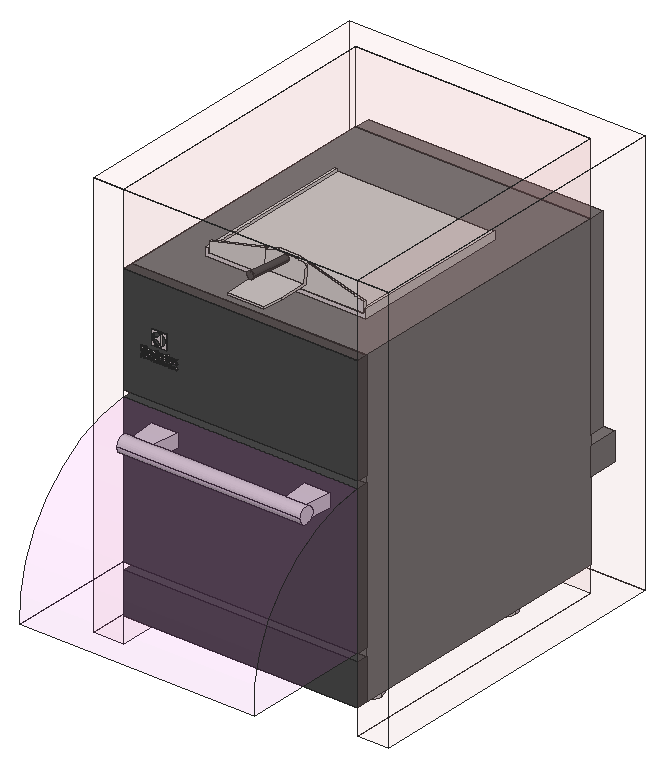
Revit family "QF_ELECTROLUXPROFESSIONAL_603955_EPRPROSITEU", category Attrezzature speciali, Revit 2021
Family settings
  Quota connettore circolare = Usa diametro
  Tipo di parte = Normale
  Basato su piano di lavoro = No
  Sempre verticale = Sì
  Taglio con vuoti quando caricato = No
  Condiviso = No
  Punto di calcolo locali = No
Parameters (values of type "Standard")
  Weight = 0.00 kg
  Watts = 0 W
  Volts = 230 V
  URL Manufacturer = "https://www.electroluxprofessional.com/"
  URL = "https://www.electroluxprofessional.com/"
  Steam Supply Size = 0 mm
  Steam Supply Minimum Pressure = 0.0 Pa
  Steam Supply Maximum Pressure = 0.0 Pa
  Steam Consumption per Hour = 0
  Show Logo [instance] = yes
  Show Clearance [instance] = yes
  Refrigeration Suction Line Size = 0 mm
  Refrigeration Liquid Line Size = 0 mm
  Refrigerant Compressor Remote = yes
  Prospetto di default = 0 mm
  Produttore = "Electrolux Professional"
  Phase = 1
  Modello = "EPRPROSITEU"
  Length Actual = 460 mm  # constant formula
  Item Number = "603955"
  Hot Water Size = 0 mm
  Height Actual = 660 mm  # constant formula
  HP = "0 HP"
  Gas Size = 0 mm
  Gas KW = 0
  Gas Input Pressure = 0 W
  Direct Waste Size = 0 mm
  Descrizione = "GOURMEXPRESS HIGH SPEED OVEN 230V 1N 50HZ - BLACK - SCHUKO PLUG"
  Depth Actual = 710 mm  # constant formula
  Cycle = 0 Hz
  Condensate Return Size = 0 mm
  Compressed Air Volume = 0.0 L/s
  Compressed Air Size = 0 mm
  Compressed Air Pressure = 0.0 Pa
  Cold Water Size = 0 mm
  Accessory = yes
Reference planes
  plane 1 "Center X": y = 418.851
  plane 2: z = 0
  plane 3 "Center Y": x = 103.5
  plane 4 "BACK": y = 703.851
  plane 5 "FRONT": y = 133.851
  plane 6: z = 629
  plane 7 "TOP": z = 1239
  plane 8: y = -121.149
  plane 9 "RIGHT": x = 333.5
  plane 10 "LEFT": x = -126.5
  plane 11: x = -56.5
  plane 12: x = 263.5
  plane 13: y = 583.851
  plane 14: y = 253.851
  plane 15: z = 578
Forms (mm)
  Extrusion 1, solid, material "QF_Finishes_Dark Gray"
    sketch origin (0, 0, 578) x (1, 0, 0) y (0, 1, 0)
      loop
        line (-126.5, 703.851) -> (-126.5, 155.851) -> (333.5, 155.851) -> (333.5, 703.851) -> (-126.5, 703.851)
    from 51 to 661
  Extrusion 2, solid, material "QF_Finishes_Black"
    sketch origin (0, 0, 578) x (1, 0, 0) y (0, 1, 0)
      loop
        line (-126.5, 155.851) -> (-126.5, 133.851) -> (333.5, 133.851) -> (333.5, 155.851) -> (-126.5, 155.851)
    from 51 to 131
  Extrusion 3, solid, material "QF_Finishes_Black"
    sketch origin (0, 0, 673) x (1, 0, 0) y (0, 1, 0)
      loop
        line (-126.5, 155.851) -> (-126.5, 133.851) -> (333.5, 133.851) -> (333.5, 155.851) -> (-126.5, 155.851)
    from 51 to 341
  Extrusion 4, solid, material "QF_Finishes_Black"
    sketch origin (0, 0, 976) x (1, 0, 0) y (0, 1, 0)
      loop
        line (-126.5, 155.851) -> (-126.5, 133.851) -> (333.5, 133.851) -> (333.5, 155.851) -> (-126.5, 155.851)
    from 51 to 263
  Extrusion 5, solid, material "QF_Finishes_Dark Gray"
    sketch origin (-126.5, 0, 578) x (0, 1, 0) y (0, 0, 1)
      loop
        line (703.851, 661) -> (703.851, 281) -> (733.851, 281) -> (733.851, 661) -> (703.851, 661)
    from 0 to 460
  Extrusion 6, solid, material "QF_Finishes_Dark Gray"
    sketch origin (-126.5, 0, 578) x (0, 1, 0) y (0, 0, 1)
      loop
        line (703.851, 261) -> (703.851, 207) -> (763.851, 207) -> (763.851, 261) -> (703.851, 261)
    from 0 to 460
  Extrusion 7, solid, material "QF_Finishes_Dark Gray"
    sketch origin (-126.5, 703.851, 578) x (1, 0, 0) y (0, 0, -1)
      loop
        circle (230, -111) r 10
    from 0 to 10
  Extrusion 8, solid, material "QF_Finishes_Stainless Steel"
    sketch origin (-126.5, 15, 578) x (0, 1, 0) y (0, 0, 1)
      loop
        circle (53.851, 400) r 15
    from 50 to 410
  Extrusion 9, solid, material "QF_Finishes_Stainless Steel"
    sketch origin (0, 0, 578) x (1, 0, 0) y (0, 1, 0)
      loop
        line (-71.5, 133.851) -> (-64.668, 68.851) -> (-28.332, 68.851) -> (-21.5, 133.851) -> (-71.5, 133.851)
    from 382.4 to 410.034
  Extrusion 10, solid, material "QF_Finishes_Stainless Steel"
    sketch origin (207, 0, 578) x (-1, 0, 0) y (0, -1, 0)
      loop
        line (-71.5, -133.851) -> (-21.5, -133.851) -> (-28.332, -68.851) -> (-64.668, -68.851) -> (-71.5, -133.851)
    from 382.4 to 410.034
  Extrusion 11, solid, material "QF_Finishes_Stainless Steel"
    sketch origin (313.5, 559.851, 708) x (-1, 0, 0) y (0, 0, -1)
      loop
        line (367.5, -531) -> (52.5, -531) -> (52.5, -548) -> (57.5, -548) -> (57.5, -538) -> (362.5, -538) -> (362.5, -548) -> (367.5, -548) -> (367.5, -531)
    from 0 to 316
  Extrusion 12, solid, material "QF_Finishes_Stainless Steel"
    sketch origin (313.5, 192.398, 710.47) x (-1, 0, 0) y (0, -0.095638, -0.995416)
      loop
        line (362, -538.979) -> (58, -538.979) -> (58, -558.12) -> (191.039, -590.161) -> (228.961, -590.161) -> (362, -558.12) -> (362, -538.979)
    from 0 to -5
  Extrusion 13, solid, material "QF_Finishes_Stainless Steel"
    sketch origin (313.5, 192.398, 710.466) x (-1, 0, 0) y (0, -0.095638, -0.995416)
      loop
        line (228.961, -590.164) -> (248.405, -585.482) -> (248.405, -549.816) -> (171.595, -549.816) -> (171.595, -585.482) -> (191.039, -590.164) -> (228.961, -590.164)
    from 0 to 5
  Extrusion 14, solid, material "QF_Finishes_Stainless Steel"
    sketch origin (0, 1.059, 1239.429) x (1, 0, 0) y (0, 1, 0)
      loop
        line (65.095, 244.787) -> (65.095, 183.851) -> (68.512, 144.792) -> (138.488, 144.792) -> (141.905, 183.851) -> (141.905, 244.787) -> (65.095, 244.787)
    from 17.834 to 20.834
  Extrusion 15, solid, material "QF_Finishes_Black"
    sketch origin (313.5, 187.421, 710.944) x (-1, 0, 0) y (0, -0.095638, -0.995416)
      loop
        circle (210, -582.028) r 6.6
    from 0 to 86.671
  Extrusion 16, solid, material "QF_Door-Drawer Clearances", visible <- "Show Clearance"
    sketch origin (-126.5, 0, 0) x (0, 1, 0) y (0, 0, 1)
      loop
        line (133.851, 724) -> (133.851, 1014)
        arc (133.851, 1014) -> (-53.454, 921.587) -> (-121.149, 724) r 273.889
        line (-121.149, 724) -> (133.851, 724)
    from 0 to 460
  Extrusion 17, solid, material "QF_Clearances", visible <- "Show Clearance"
    sketch origin (0, 0, 1239) x (1, 0, 0) y (0, 1, 0)
      loop
        line (-126.5, 703.851) -> (333.5, 703.851) -> (333.5, 133.851) -> (393.5, 133.851) -> (393.5, 763.851) -> (-186.5, 763.851) -> (-186.5, 133.851) -> (-126.5, 133.851) -> (-126.5, 703.851)
    from -661 to 140
  Extrusion 18, solid, material "QF_Clearances", visible <- "Show Clearance"
    sketch origin (0, 0, 1239) x (1, 0, 0) y (0, 1, 0)
      loop
        line (-126.5, 703.851) -> (-126.5, 133.851) -> (333.5, 133.851) -> (333.5, 703.851) -> (-126.5, 703.851)
    from 0 to 140
  Extrusion 19, solid, material "QF_Finishes_Stainless Steel"
    sketch origin (313.5, 429.285, 708) x (-1, 0, 0) y (0, 0, -1)
      loop
        line (362, -543.5) -> (362, -538.5) -> (58, -538.5) -> (58, -543.5) -> (362, -543.5)
    from -130.566 to 180.363
Cuts and joins
  joined: Extrusion 8, Extrusion 9, Extrusion 10
  joined: Extrusion 12, Extrusion 13, Extrusion 14, Extrusion 19
Lines and regions (mm)
  Split face 1
    outline origin (365.185, 133.851, 976) x (-1, 0, 0) y (0, 0, -1)
      loop
        line (491.685, -81) -> (363.685, -81) -> (351.685, -69) -> (171.685, -69) -> (159.685, -81) -> (31.685, -81)
  Split face 2
    outline origin (365.185, 133.851, 976) x (-1, 0, 0) y (0, 0, -1)
      loop
        line (316.685, -185) -> (316.685, -119) -> (206.685, -119) -> (206.685, -185) -> (316.685, -185)
  Split face 3
    outline origin (365.185, 133.851, 976) x (-1, 0, 0) y (0, 0, -1)
      loop
        circle (101.685, -153.968) r 15
  symbolic lines
    curve 1: line (-126.5, 703.851, 1239) -> (333.5, 703.851, 1239)
    curve 2: line (-126.5, 133.851, 1239) -> (-126.5, 703.851, 1239)
    curve 3: line (333.5, 133.851, 1239) -> (-126.5, 133.851, 1239)
    curve 4: line (333.5, 703.851, 1239) -> (333.5, 133.851, 1239)
    curve 5: line (-54, 559.851, 1239) -> (261, 559.851, 1239)
    curve 6: line (-54, 243.851, 1239) -> (-54, 559.851, 1239)
    curve 7: line (261, 243.851, 1239) -> (141.905, 243.851, 1239)
    curve 8: line (261, 559.851, 1239) -> (261, 243.851, 1239)
    curve 9: line (65.095, 248.392, 1239) -> (65.095, 184.91, 1239)
    curve 10: line (65.095, 184.91, 1239) -> (68.512, 145.851, 1239)
    curve 11: line (138.488, 145.851, 1239) -> (141.905, 184.91, 1239)
    curve 12: line (141.905, 184.91, 1239) -> (141.905, 248.392, 1239)
    curve 13: spline (110.1, 156.811, 1239) -> (109.875, 156.974, 1239) -> (109.216, 157.126, 1239) -> (108.167, 157.257, 1239) -> (106.8, 157.357, 1239) -> (105.208, 157.42, 1239) -> (103.5, 157.442, 1239) -> (101.792, 157.42, 1239) -> (100.2, 157.357, 1239) -> (98.833, 157.257, 1239) -> (97.784, 157.126, 1239) -> (97.125, 156.974, 1239) -> (96.9, 156.811, 1239)
    curve 14: spline (96.9, 156.811, 1239) -> (97.125, 156.647, 1239) -> (97.784, 156.495, 1239) -> (98.833, 156.364, 1239) -> (100.2, 156.264, 1239) -> (101.792, 156.201, 1239) -> (103.5, 156.18, 1239) -> (105.208, 156.201, 1239) -> (106.8, 156.264, 1239) -> (108.167, 156.364, 1239) -> (109.216, 156.495, 1239) -> (109.875, 156.647, 1239) -> (110.1, 156.811, 1239)
    curve 15: line (96.9, 156.811, 1239) -> (96.9, 243.084, 1239)
    curve 16: spline (96.9, 243.084, 1239) -> (97.125, 243.248, 1239) -> (97.784, 243.4, 1239) -> (98.833, 243.531, 1239) -> (100.2, 243.631, 1239) -> (101.792, 243.694, 1239) -> (103.5, 243.715, 1239) -> (105.208, 243.694, 1239) -> (106.8, 243.631, 1239) -> (108.167, 243.531, 1239) -> (109.216, 243.4, 1239) -> (109.875, 243.248, 1239) -> (110.1, 243.084, 1239)
    curve 17: line (110.1, 156.811, 1239) -> (110.1, 243.084, 1239)
    curve 18: line (-27.16, 80.001, 1239) -> (-21.5, 133.851, 1239)
    curve 19: line (-71.5, 133.851, 1239) -> (-65.84, 80.001, 1239)
    curve 20: line (-76.5, 83.851, 1239) -> (-66.245, 83.851, 1239)
    curve 21: line (-76.5, 53.851, 1239) -> (-76.5, 83.851, 1239)
    curve 22: line (283.5, 53.851, 1239) -> (-76.5, 53.851, 1239)
    curve 23: line (283.5, 83.851, 1239) -> (283.5, 53.851, 1239)
    curve 24: line (228.5, 133.851, 1239) -> (234.16, 80.001, 1239)
    curve 25: line (272.84, 80.001, 1239) -> (278.5, 133.851, 1239)
    curve 34: line (-126.5, 703.851, 1239) -> (-126.5, 733.851, 1239)
    curve 35: line (-126.5, 733.851, 1239) -> (333.5, 733.851, 1239)
    curve 36: line (333.5, 733.851, 1239) -> (333.5, 703.851, 1239)
    curve 37: line (-126.5, 733.851, 1239) -> (-126.5, 763.851, 1239)
    curve 38: line (333.5, 763.851, 1239) -> (333.5, 733.851, 1239)
    curve 39: line (-126.5, 763.851, 0) -> (333.5, 763.851, 0)
    curve 40: line (68.512, 145.851, 1239) -> (138.488, 145.851, 1239)
    curve 41: line (-26.755, 83.851, 1239) -> (233.755, 83.851, 1239)
    curve 42: line (273.245, 83.851, 1239) -> (283.5, 83.851, 1239)
    curve 43: line (234.16, 80.001, 1239) -> (272.84, 80.001, 1239)
    curve 44: line (-65.84, 80.001, 1239) -> (-27.16, 80.001, 1239)
    curve 45: spline (96.9, 243.085, 1239) -> (97.125, 243.248, 1239) -> (97.784, 243.4, 1239) -> (98.833, 243.531, 1239) -> (100.2, 243.631, 1239) -> (101.792, 243.694, 1239) -> (103.5, 243.716, 1239) -> (105.208, 243.694, 1239) -> (106.8, 243.631, 1239) -> (108.167, 243.531, 1239) -> (109.216, 243.4, 1239) -> (109.875, 243.248, 1239) -> (110.1, 243.085, 1239)
    curve 46: line (84.539, 253.817, 1239) -> (84.539, 243.863, 1239)
    curve 47: line (122.461, 243.863, 1239) -> (122.461, 253.817, 1239)
    curve 48: line (122.461, 253.817, 1239) -> (255.5, 250.752, 1239)
    curve 49: line (256, 559.851, 1239) -> (256, 243.851, 1239)
    curve 50: line (255.5, 243.851, 1239) -> (255.5, 559.851, 1239)
    curve 51: line (-48.5, 559.851, 1239) -> (-48.5, 243.851, 1239)
    curve 52: line (-49, 243.851, 1239) -> (-49, 559.851, 1239)
    curve 53: line (141.905, 248.392, 1239) -> (255.5, 245.775, 1239)
    curve 54: line (141.905, 240.198, 1239) -> (110.1, 240.198, 1239)
    curve 55: line (141.905, 243.415, 1239) -> (122.461, 243.863, 1239)
    curve 56: line (84.539, 243.863, 1239) -> (65.095, 243.415, 1239)
    curve 57: line (-48.5, 245.775, 1239) -> (65.095, 248.392, 1239)
    curve 58: line (-48.5, 250.752, 1239) -> (84.539, 253.817, 1239)
    curve 59: line (84.539, 253.817, 1239) -> (122.461, 253.817, 1239)
    curve 60: line (122.461, 243.863, 1239) -> (84.539, 243.863, 1239)
    curve 61: line (65.095, 243.851, 1239) -> (-54, 243.851, 1239)
    curve 62: line (96.9, 240.198, 1239) -> (65.095, 240.198, 1239)
  symbolic lines, style "QF_Door-Drawer Clearances"
    curve 26: line (-126.5, 133.851, 1239) -> (-126.5, -121.149, 1239)
    curve 27: line (-126.5, -121.149, 1239) -> (333.5, -121.149, 1239)
    curve 28: line (333.5, -121.149, 1239) -> (333.5, 133.851, 1239)
  symbolic lines, style "QF_Clearances"
    curve 29: line (-186.5, 763.851, 1239) -> (-126.5, 763.851, 1239)
    curve 30: line (393.5, 763.851, 1239) -> (393.5, 133.851, 1239)
    curve 31: line (393.5, 133.851, 1239) -> (333.5, 133.851, 1239)
    curve 32: line (-126.5, 133.851, 1239) -> (-186.5, 133.851, 1239)
    curve 33: line (-186.5, 133.851, 1239) -> (-186.5, 763.851, 1239)
    curve 63: line (333.5, 763.851, 1239) -> (393.5, 763.851, 1239)
Dimensions and locks
  plane 4 "BACK" to plane 5 "FRONT" = 570 mm
  equal spacing: plane 4 "BACK", plane 1 "Center X", plane 5 "FRONT"
  equal spacing: plane 10 "LEFT", plane 3 "Center Y", plane 9 "RIGHT"
  plane 10 "LEFT" to plane 9 "RIGHT" = 460 mm
  plane 5 "FRONT" to plane 8 = 255 mm
  plane 6 to plane 15 = 51 mm
  plane 7 "TOP" to plane 6 = 610 mm
  plane 11 to plane 12 = 320 mm
  plane 13 to plane 14 = 330 mm  (x2)
  plane 15 to level = 578 mm
  aligned and locked: level to plane 2
  aligned and locked: plane 12 to nested 2
  aligned and locked: plane 12 to nested 3
  aligned and locked: plane 11 to nested 1
  aligned and locked: plane 11 to nested 4
  aligned and locked: nested 4 to plane 13
  aligned and locked: nested 3 to plane 13
  aligned and locked: nested 1 to plane 14
  aligned and locked: nested 2 to plane 14
  aligned and locked: Extrusion 1 sketch curve to plane 4 "BACK"
  aligned and locked: plane 10 "LEFT" to Extrusion 1 sketch curve
  aligned and locked: Extrusion 1 sketch curve to plane 9 "RIGHT"
  aligned and locked: Extrusion 1 to plane 6
  aligned and locked: plane 7 "TOP" to Extrusion 1
  aligned and locked: Extrusion 2 sketch curve to Extrusion 1  (x2)
  aligned and locked: plane 5 "FRONT" to Extrusion 2 sketch curve
  aligned and locked: Extrusion 2 sketch curve to plane 9 "RIGHT"
  aligned and locked: Extrusion 2 to plane 6
  aligned and locked: plane 7 "TOP" to Extrusion 4
  aligned and locked: plane 9 "RIGHT" to Extrusion 5
  aligned and locked: plane 9 "RIGHT" to Extrusion 16
Automatic sketch dimensions
  Extrusion 9 sketch curve to plane 5 "FRONT" = 0 mm
  Extrusion 9 sketch curve to plane 11 = 8.168 mm
  plane 11 to Extrusion 9 sketch curve = 28.168 mm
  plane 11 to Extrusion 9 sketch curve = 35 mm
  Extrusion 10 sketch curve to plane 5 "FRONT" = 0 mm
  Extrusion 10 sketch curve to plane 12 = 8.168 mm
  plane 12 to Extrusion 10 sketch curve = 28.168 mm
  plane 12 to Extrusion 10 sketch curve = 35 mm
  Extrusion 12 sketch curve to plane 12 = 8 mm
  plane 3 "Center Y" to Extrusion 12 sketch curve = 18.961 mm
  Extrusion 12 sketch curve to plane 3 "Center Y" = 18.961 mm
  plane 11 to Extrusion 12 sketch curve = 8 mm
  Extrusion 12 sketch curve to Extrusion 12 sketch curve = 32.04 mm  (x2)
  Extrusion 12 sketch curve to Extrusion 12 sketch curve = 19.141 mm
  Extrusion 13 sketch curve to Extrusion 12 = 0 mm  (x5)
  Extrusion 13 sketch curve to Extrusion 12 = 10.834 mm
  Extrusion 13 sketch curve to Extrusion 13 sketch curve = 19.444 mm  (x2)
  Extrusion 14 sketch curve to plane 14 = 8.005 mm
  Extrusion 14 sketch curve to plane 3 "Center Y" = 38.405 mm
  plane 5 "FRONT" to Extrusion 14 sketch curve = 12 mm
  Extrusion 14 sketch curve to plane 3 "Center Y" = 34.988 mm
  plane 3 "Center Y" to Extrusion 14 sketch curve = 34.988 mm
  plane 3 "Center Y" to Extrusion 14 sketch curve = 38.405 mm
  Extrusion 15 sketch curve to Extrusion 13 = 8.137 mm
  Extrusion 15 sketch curve to Extrusion 13 = 38.405 mm
  Extrusion 9 sketch curve to plane 11 = 15 mm
  Extrusion 10 sketch curve to plane 12 = 15 mm
  Extrusion 9 sketch curve to plane 5 "FRONT" = 65 mm
  plane 5 "FRONT" to Extrusion 10 sketch curve = 65 mm
  plane 5 "FRONT" to Extrusion 1 sketch curve = 22 mm
  Extrusion 14 sketch curve to Extrusion 14 sketch curve = 39.059 mm  (x2)
  curve 39 to plane 10 "LEFT" = 0 mm
  curve 39 to plane 9 "RIGHT" = 0 mm
  plane 4 "BACK" to curve 39 = 60 mm
  Extrusion 3 sketch curve to plane 5 "FRONT" = 0 mm
  Extrusion 3 sketch curve to plane 10 "LEFT" = 0 mm
  Extrusion 3 sketch curve to plane 9 "RIGHT" = 0 mm
  plane 5 "FRONT" to Extrusion 3 sketch curve = 22 mm
  Extrusion 4 sketch curve to plane 5 "FRONT" = 0 mm
  Extrusion 4 sketch curve to plane 10 "LEFT" = 0 mm
  Extrusion 4 sketch curve to plane 9 "RIGHT" = 0 mm
  plane 5 "FRONT" to Extrusion 4 sketch curve = 22 mm
  Split face 1 sketch curve to Extrusion 4 = 0 mm
  Extrusion 4 to Split face 1 sketch curve = 0 mm
  Split face 1 sketch curve to Extrusion 4 = 30 mm
  Split face 1 sketch curve to Split face 1 sketch curve = 128 mm
  Split face 1 sketch curve to Split face 1 sketch curve = 12 mm  (x3)
  Split face 1 sketch curve to Extrusion 4 = 18 mm
  Split face 1 sketch curve to Extrusion 4 = 140 mm
  Split face 2 sketch curve to Extrusion 4 = 78 mm
  Split face 2 sketch curve to Extrusion 4 = 175 mm
  Split face 2 sketch curve to Split face 2 sketch curve = 110 mm
  Split face 2 sketch curve to Split face 2 sketch curve = 66 mm
  Split face 3 sketch curve to Extrusion 4 = 70 mm
  Split face 3 sketch curve to Extrusion 4 = 102.968 mm
  Extrusion 5 sketch curve to plane 4 "BACK" = 0 mm
  Extrusion 5 sketch curve to plane 7 "TOP" = 0 mm
  plane 4 "BACK" to Extrusion 5 sketch curve = 30 mm
  plane 6 to Extrusion 5 sketch curve = 230 mm
  Extrusion 6 sketch curve to plane 4 "BACK" = 0 mm
  plane 4 "BACK" to Extrusion 6 sketch curve = 60 mm
  plane 6 to Extrusion 6 sketch curve = 156 mm
  Extrusion 6 sketch curve to Extrusion 6 sketch curve = 54 mm
  Extrusion 1 to Extrusion 7 sketch curve = 60 mm
  Extrusion 7 sketch curve to Extrusion 1 = 230 mm
  Extrusion 8 sketch curve to plane 5 "FRONT" = 65 mm
  Extrusion 8 sketch curve to plane 7 "TOP" = 261 mm
  Extrusion 11 sketch curve to plane 7 "TOP" = 0 mm
  Extrusion 11 sketch curve to plane 12 = 2.5 mm
  Extrusion 11 sketch curve to plane 12 = 7.5 mm
  plane 11 to Extrusion 11 sketch curve = 7.5 mm
  plane 11 to Extrusion 11 sketch curve = 2.5 mm
  plane 7 "TOP" to Extrusion 11 sketch curve = 7 mm
  Extrusion 11 sketch curve to Extrusion 11 sketch curve = 10 mm  (x2)
  Extrusion 16 sketch curve to plane 8 = 0 mm
  Extrusion 16 sketch curve to plane 5 "FRONT" = 0 mm
  plane 5 "FRONT" to Extrusion 16 sketch curve = 18.377 mm
  plane 6 to Extrusion 16 sketch curve = 95 mm
  Extrusion 16 sketch curve to Extrusion 16 sketch curve = 16.729 mm
  Extrusion 17 sketch curve to Extrusion 1 = 0 mm  (x3)
  Extrusion 1 to Extrusion 17 sketch curve = 22 mm  (x2)
  Extrusion 1 to Extrusion 17 sketch curve = 60 mm  (x3)
  Extrusion 18 sketch curve to Extrusion 1 = 0 mm  (x3)
  Extrusion 1 to Extrusion 18 sketch curve = 22 mm
  Extrusion 19 sketch curve to plane 12 = 8 mm
  plane 11 to Extrusion 19 sketch curve = 8 mm
  plane 7 "TOP" to Extrusion 19 sketch curve = 12.5 mm
  Extrusion 19 sketch curve to Extrusion 19 sketch curve = 5 mm
  curve 37 to Extrusion 1 = 0 mm
  curve 4 to Extrusion 1 = 0 mm  (x2)
  Extrusion 1 to curve 33 = 22 mm
  Extrusion 1 to curve 33 = 60 mm  (x2)
  curve 20 to Extrusion 1 = 50 mm
  curve 20 to curve 19 = 10.66 mm
  curve 6 to Extrusion 1 = 72.5 mm
  curve 19 to curve 18 = 38.68 mm
  curve 6 to curve 9 = 119.095 mm
  Extrusion 1 to curve 40 = 10 mm
  curve 9 to curve 40 = 3.417 mm
  curve 9 to curve 46 = 19.444 mm
  curve 46 to curve 15 = 12.361 mm
  curve 17 to Extrusion 1 = 0.96 mm
  curve 13 to curve 17 = 13.2 mm
  curve 55 to Extrusion 1 = 88.012 mm
  curve 16 to curve 55 = 12.361 mm
  curve 13 to curve 11 = 28.388 mm
  curve 53 to Extrusion 1 = 92.541 mm
  curve 47 to curve 53 = 19.444 mm
  curve 24 to Extrusion 1 = 99.34 mm
  curve 5 to Extrusion 1 = 72.5 mm
  curve 24 to curve 43 = 38.68 mm
  curve 25 to curve 42 = 10.66 mm
  curve 63 to curve 30 = 60 mm
  curve 21 to curve 19 = 50 mm
  curve 42 to curve 25 = 50 mm
  curve 43 to curve 42 = 3.85 mm
  curve 44 to curve 20 = 3.85 mm
  curve 21 to curve 19 = 26.15 mm
  curve 28 to curve 22 = 175 mm
  curve 10 to Extrusion 1 = 29.059 mm
  curve 11 to Extrusion 1 = 29.059 mm
  curve 17 to curve 47 = 0.779 mm
  curve 6 to Extrusion 1 = 88 mm
  curve 8 to Extrusion 1 = 88 mm
  curve 61 to curve 9 = 4.541 mm
  curve 47 to curve 47 = 9.954 mm
  curve 5 to Extrusion 1 = 144 mm
  Extrusion 1 to curve 38 = 30 mm
  Extrusion 1 to curve 30 = 60 mm
  curve 20 to curve 19 = 5 mm
  curve 5 to curve 52 = 5 mm
  curve 52 to curve 58 = 0.5 mm
  curve 18 to curve 41 = 0.405 mm
  curve 19 to curve 18 = 50 mm
  curve 45 to curve 15 = 0 mm
  curve 45 to curve 16 = 0 mm
  curve 24 to curve 24 = 5.66 mm
  curve 53 to curve 7 = 5.5 mm
  curve 50 to curve 49 = 0.5 mm
  curve 25 to curve 42 = 0.405 mm
  curve 62 to curve 61 = 3.653 mm
  curve 54 to curve 7 = 3.653 mm
  curve 15 to curve 45 = 0 mm
  curve 55 to curve 7 = 0.436 mm
  curve 56 to curve 61 = 0.436 mm
  curve 51 to curve 57 = 1.924 mm
  curve 50 to curve 53 = 1.924 mm
  curve 57 to curve 58 = 4.977 mm
  curve 53 to curve 48 = 4.977 mm
  radius of Extrusion 15 sketch curve = 6.6 mm
  radius of Split face 3 sketch curve = 15 mm
  radius of Extrusion 7 sketch curve = 10 mm
  radius of Extrusion 8 sketch curve = 15 mm
Nested families
  nested 1: "Foot_Complete" at (-56.5, 253.851, 578), type "Foot_Complete"
  nested 2: "Foot_Complete" at (263.5, 253.851, 578), type "Foot_Complete"
  nested 3: "Foot_Complete" at (263.5, 583.851, 578), type "Foot_Complete"
  nested 4: "Foot_Complete" at (-56.5, 583.851, 578), type "Foot_Complete"
  nested 5: "ELX_Logo_Professional" at (-56.5, 133.851, 1122.524) x (1, 0, 0) z (0, -1, 0), visible <- "Show Logo", type "ELX_Logo_Professional"
Connectors
  electrical at (103.5, 713.851, 689)
    settings: on Extrusion 7, index 1, voltage 0 V, apparent load 0 VA, apparent load phase1 0 VA, apparent load phase2 0 VA, apparent load phase3 0 VA, power factor 1, load classification "Altro", number of poles 1, system type 30, power factor state 1, is connector primary yes, connector utility no, sub classification motor no, connector description "Electrical"
Definition of nested family "Foot_Complete"
  Parameters (values of type "Foot_Complete")
    R = 25 mm
    Default Elevation = 0 mm
    H = 51 mm
  Reference planes
    plane 1 "Centro (Fronte/Retro)": y = 0
    plane 2: z = 0
    plane 3 "Centro (Sinistra/Destra)": x = 0
    plane 4: z = 51
  Forms (mm)
    Revolve 1, solid
      sketch origin (255.05, 0, 608.09) x (0, 0, 1) y (-1, 0, 0)
        loop
          line (-608.09, 255.05) -> (-608.09, 235.05) -> (-597.09, 235.05) -> (-597.09, 230.05) -> (-557.09, 230.05) -> (-557.09, 255.05) -> (-608.09, 255.05)
        axis (-608.09, 255.05) -> (-557.09, 255.05)
      angle from 0 to 360
  Dimensions and locks
    level to Revolve 1 sketch curve = 11 mm
    "R": Revolve 1 sketch curve to plane 3 "Centro (Sinistra/Destra)"
    "H": plane 4 to level
    aligned and locked: level to plane 2
    aligned and locked: plane 4 to Revolve 1 sketch curve
    aligned and locked: Revolve 1 sketch curve to level
    aligned and locked: plane 3 "Centro (Sinistra/Destra)" to Revolve 1 sketch curve
  Automatic sketch dimensions
    Revolve 1 sketch curve to plane 3 "Centro (Sinistra/Destra)" = 0 mm
    Revolve 1 sketch curve to Revolve 1 sketch curve = 5 mm
    Revolve 1 sketch curve to Revolve 1 sketch curve = 50 mm
    Revolve 1 sketch curve to Revolve 1 sketch curve = 20 mm
Definition of nested family "ELX_Logo_Professional"
  Parameters (values of type "ELX_Logo_Professional")
    materiale = none
    Default Elevation = 0 mm
  Reference planes
    plane 1 "Centro (Fronte/Retro)": y = 0
    plane 2: z = 0
    plane 3 "Centro (Sinistra/Destra)": x = 0
  Forms (mm)
    Extrusion 1, solid
      sketch origin (0, 0, 0) x (1, 0, 0) y (0, 1, 0)
        loop
          line (-1219.2, 1219.2) -> (-1219.2, -1219.2) -> (1219.2, -1219.2) -> (1219.2, 1219.2) -> (-1219.2, 1219.2)
      from 0 to -304.8
    Extrusion 2, solid, material <- "materiale"
      sketch origin (-144.622, -1081.55, 0) x (-1, 0, 0) y (0, -1, 0)
        loop
          line (-130.265, -1113.361) -> (-130.265, -1084.645) -> (-158.979, -1084.645) -> (-158.979, -1113.361) -> (-130.265, -1113.361)
        loop
          arc (-146.24, -1106.937) -> (-147.076, -1109.166) -> (-147.324, -1111.534) r 9.395
          arc (-147.324, -1111.534) -> (-145.139, -1111.806) -> (-142.939, -1111.706) r 13.008
          line (-142.939, -1111.706) -> (-141.329, -1111.382) -> (-139.8, -1110.859) -> (-138.364, -1110.152) -> (-137.035, -1109.277) -> (-135.826, -1108.249) -> (-134.751, -1107.081) -> (-133.821, -1105.789) -> (-133.05, -1104.389) -> (-132.452, -1102.893) -> (-132.039, -1101.318) -> (-131.824, -1099.675) -> (-134.539, -1099.675) -> (-136.155, -1099.784) -> (-137.741, -1100.101) -> (-139.277, -1100.613) -> (-140.74, -1101.304) -> (-142.111, -1102.159) -> (-143.367, -1103.165) -> (-144.488, -1104.306) -> (-145.453, -1105.568) -> (-146.24, -1106.937)
        loop
          line (-148.67, -1086.844) -> (-150.173, -1087.464) -> (-151.57, -1088.253) -> (-152.847, -1089.196) -> (-153.992, -1090.281) -> (-154.994, -1091.494) -> (-155.841, -1092.821) -> (-156.519, -1094.25) -> (-157.018, -1095.766) -> (-157.324, -1097.357) -> (-157.427, -1099.009) -> (-157.315, -1100.685) -> (-156.998, -1102.296) -> (-156.488, -1103.827) -> (-155.799, -1105.265) -> (-154.946, -1106.596) -> (-153.94, -1107.806) -> (-152.796, -1108.882) -> (-151.528, -1109.81) -> (-150.148, -1110.576) -> (-148.67, -1111.167) -> (-148.67, -1086.844)
        loop
          arc (-147.323, -1086.473) -> (-147.041, -1088.83) -> (-146.239, -1091.065) r 10.532
          line (-146.239, -1091.065) -> (-145.452, -1092.432) -> (-144.488, -1093.693) -> (-143.367, -1094.833) -> (-142.111, -1095.838) -> (-140.741, -1096.693) -> (-139.278, -1097.383) -> (-137.743, -1097.894) -> (-136.157, -1098.211) -> (-134.541, -1098.32) -> (-131.822, -1098.32) -> (-131.976, -1096.81) -> (-132.312, -1095.353) -> (-132.818, -1093.961) -> (-133.481, -1092.644) -> (-134.291, -1091.416) -> (-135.235, -1090.288) -> (-136.302, -1089.272) -> (-137.48, -1088.379) -> (-138.757, -1087.622) -> (-140.121, -1087.012) -> (-141.56, -1086.561) -> (-143.063, -1086.281) -> (-144.633, -1086.183)
          arc (-144.633, -1086.183) -> (-145.985, -1086.264) -> (-147.323, -1086.473) r 14.39
        loop
          line (-111.329, -1069.559) -> (-111.329, -1071.073) -> (-116.048, -1071.073) -> (-116.048, -1072.896) -> (-111.328, -1072.896) -> (-111.328, -1075.549) -> (-116.349, -1075.549) -> (-116.349, -1077.368) -> (-109.396, -1077.368) -> (-109.396, -1073.46) -> (-109.396, -1069.659)
          arc (-109.396, -1069.659) -> (-110.425, -1067.175) -> (-112.909, -1066.146) r 3.513
          line (-112.909, -1066.146) -> (-116.483, -1066.146) -> (-116.483, -1067.963) -> (-112.925, -1067.963)
          arc (-112.925, -1067.963) -> (-111.797, -1068.431) -> (-111.329, -1069.559) r 1.596
        loop
          line (-119.79, -1077.358) -> (-117.856, -1077.358) -> (-117.856, -1072.053) -> (-117.856, -1066.132) -> (-119.79, -1066.132) -> (-119.79, -1072.092) -> (-119.79, -1077.358)
        loop
          line (-122.986, -1069.718) -> (-129.327, -1069.718)
          arc (-129.327, -1069.718) -> (-129.219, -1071.449) -> (-128.497, -1073.026) r 4.757
          arc (-128.497, -1073.026) -> (-125.237, -1074.5) -> (-121.978, -1073.026) r 4.34
          arc (-121.978, -1073.026) -> (-121.072, -1070.207) -> (-121.978, -1067.388) r 4.838
          arc (-121.978, -1067.388) -> (-125.393, -1065.933) -> (-128.809, -1067.388) r 4.737
          line (-128.809, -1067.388) -> (-127.645, -1068.52)
          arc (-127.645, -1068.52) -> (-125.509, -1067.576) -> (-123.374, -1068.52) r 2.888
          arc (-123.374, -1068.52) -> (-123.05, -1069.077) -> (-122.986, -1069.718) r 1.527
        loop
          arc (-127.386, -1071.076) -> (-126.67, -1072.331) -> (-125.331, -1072.872) r 2.201
          arc (-125.331, -1072.872) -> (-123.848, -1072.402) -> (-123.033, -1071.076) r 2.23
          line (-123.033, -1071.076) -> (-127.386, -1071.076)
        loop
          line (-136.862, -1071.886) -> (-138.059, -1073.132)
          arc (-138.059, -1073.132) -> (-130.327, -1070.219) -> (-138.059, -1067.306) r 4.415
          line (-138.059, -1067.306) -> (-136.862, -1068.553)
          arc (-136.862, -1068.553) -> (-132.252, -1070.22) -> (-136.862, -1071.886) r 2.606
        loop
          line (-141.192, -1069.673) -> (-141.192, -1072.494) -> (-142.951, -1072.494) -> (-142.951, -1074.25) -> (-141.195, -1074.25) -> (-141.195, -1077.358) -> (-139.262, -1077.358) -> (-139.262, -1073.332) -> (-139.262, -1069.514)
          arc (-139.262, -1069.514) -> (-140.299, -1066.92) -> (-142.98, -1066.132) r 3.196
          line (-142.98, -1066.132) -> (-142.987, -1067.949)
          arc (-142.987, -1067.949) -> (-141.652, -1068.356) -> (-141.192, -1069.673) r 1.542
        loop
          line (-146.494, -1073.042) -> (-146.494, -1074.25) -> (-144.576, -1074.25) -> (-144.576, -1070.271) -> (-144.576, -1066.132) -> (-146.494, -1066.132) -> (-146.494, -1070.401)
          arc (-146.494, -1070.401) -> (-147.446, -1072.228) -> (-149.489, -1072.494) r 2.229
          line (-149.489, -1072.494) -> (-149.489, -1074.362)
          arc (-149.489, -1074.362) -> (-147.761, -1074.226) -> (-146.494, -1073.042) r 2.627
        loop
          line (-159.833, -1072.246) -> (-159.833, -1066.131) -> (-161.767, -1066.131) -> (-161.767, -1072.17) -> (-161.767, -1077.359) -> (-159.833, -1077.359) -> (-159.833, -1072.246)
        loop
          line (-165.194, -1069.514) -> (-165.194, -1074.25) -> (-163.245, -1074.25) -> (-163.245, -1071.898) -> (-163.245, -1069.098)
          arc (-163.245, -1069.098) -> (-166.96, -1065.769) -> (-170.687, -1069.085) r 3.745
          line (-170.687, -1069.085) -> (-170.687, -1071.898) -> (-170.687, -1074.25) -> (-168.739, -1074.25) -> (-168.739, -1069.514)
          arc (-168.739, -1069.514) -> (-166.967, -1067.742) -> (-165.194, -1069.514) r 1.772
        loop
          line (-174.654, -1070.416) -> (-172.975, -1068.078) -> (-171.578, -1066.131) -> (-173.656, -1066.131) -> (-175.717, -1068.999) -> (-177.779, -1066.131) -> (-179.857, -1066.131) -> (-178, -1068.728) -> (-176.781, -1070.433) -> (-178.29, -1072.488) -> (-179.583, -1074.25) -> (-177.473, -1074.25) -> (-175.717, -1071.818) -> (-173.945, -1074.25) -> (-171.852, -1074.25) -> (-173.052, -1072.608) -> (-174.654, -1070.416)
        loop
          circle (-154.223, -1070.188) r 2.508
        loop
          circle (-154.223, -1070.188) r 4.42
        loop
          line (-110.224, -1058.542) -> (-111.194, -1058.542)
          arc (-111.194, -1058.542) -> (-112.217, -1059.95) -> (-110.924, -1061.114) r 1.3
          line (-110.924, -1061.114) -> (-109.424, -1061.114) -> (-109.424, -1057.223) -> (-110.224, -1057.223) -> (-110.224, -1058.542)
        loop
          line (-110.224, -1060.379) -> (-110.224, -1059.293) -> (-111.03, -1059.293)
          arc (-111.03, -1059.293) -> (-111.43, -1059.836) -> (-111.03, -1060.379) r 0.569
          line (-111.03, -1060.379) -> (-110.224, -1060.379)
        loop
          line (-116.302, -1058.564) -> (-117.128, -1058.564) -> (-117.934, -1057.223) -> (-118.841, -1057.223) -> (-117.833, -1058.884)
          arc (-117.833, -1058.884) -> (-118.214, -1060.282) -> (-117.028, -1061.114) r 1.26
          line (-117.028, -1061.114) -> (-115.503, -1061.114) -> (-115.503, -1057.223) -> (-116.302, -1057.223) -> (-116.302, -1058.564)
        loop
          line (-116.302, -1060.379) -> (-116.302, -1059.293) -> (-117.109, -1059.293)
          arc (-117.109, -1059.293) -> (-117.508, -1059.836) -> (-117.109, -1060.379) r 0.569
          line (-117.109, -1060.379) -> (-116.302, -1060.379)
        loop
          line (-128.923, -1057.223) -> (-129.723, -1057.223) -> (-129.723, -1058.714) -> (-131.187, -1058.714) -> (-131.187, -1059.514) -> (-129.723, -1059.514) -> (-129.723, -1060.314) -> (-131.327, -1060.314) -> (-131.327, -1061.114) -> (-128.923, -1061.114) -> (-128.923, -1057.223)
        loop
          arc (-134.628, -1058.469) -> (-134.992, -1057.588) -> (-135.874, -1057.223) r 1.246
          line (-135.874, -1057.223) -> (-137.13, -1057.223) -> (-137.13, -1058.023) -> (-135.969, -1058.023)
          arc (-135.969, -1058.023) -> (-135.53, -1058.237) -> (-135.427, -1058.714) r 0.558
          line (-135.427, -1058.714) -> (-136.984, -1058.714) -> (-136.984, -1059.514) -> (-135.427, -1059.514) -> (-135.427, -1060.314) -> (-137.092, -1060.314) -> (-137.092, -1061.114) -> (-134.628, -1061.114) -> (-134.628, -1058.469)
        loop
          line (-152.3, -1057.223) -> (-153.1, -1057.223) -> (-153.1, -1061.114) -> (-152.3, -1061.114) -> (-152.3, -1057.223)
        loop
          line (-164.67, -1057.223) -> (-164.67, -1059.67) -> (-166.45, -1057.223) -> (-167.25, -1057.223) -> (-167.25, -1061.114) -> (-166.42, -1061.114) -> (-166.42, -1058.594) -> (-164.64, -1061.114) -> (-163.84, -1061.114) -> (-163.84, -1057.223) -> (-164.67, -1057.223)
        loop
          line (-170.403, -1057.223) -> (-171.262, -1057.223) -> (-171.641, -1058.063) -> (-173.08, -1058.063) -> (-173.459, -1057.223) -> (-174.317, -1057.223) -> (-172.796, -1061.113) -> (-171.996, -1061.113) -> (-170.403, -1057.223)
        loop
          line (-177.493, -1057.223) -> (-179.789, -1057.223) -> (-179.789, -1058.023) -> (-178.293, -1058.023) -> (-178.293, -1061.114) -> (-177.493, -1061.114) -> (-177.493, -1057.223)
        loop
          line (-172.362, -1059.848) -> (-171.945, -1058.83) -> (-172.76, -1058.83) -> (-172.362, -1059.848)
        loop
          circle (-158.484, -1059.145) r 1.288
        loop
          circle (-158.484, -1059.145) r 2.065
        loop
          arc (-146.04, -1058.095) -> (-146.933, -1057.275) -> (-148.145, -1057.245) r 1.725
          arc (-148.145, -1057.245) -> (-148.965, -1058.02) -> (-148.68, -1059.111) r 1.107
          arc (-148.68, -1059.111) -> (-148.103, -1059.465) -> (-147.486, -1059.746) r 5.523
          arc (-147.486, -1059.746) -> (-147.147, -1060.262) -> (-147.708, -1060.52) r 0.407
          arc (-147.708, -1060.52) -> (-148.045, -1060.315) -> (-148.325, -1060.038) r 1.702
          line (-148.325, -1060.038) -> (-149.011, -1060.45)
          arc (-149.011, -1060.45) -> (-148.578, -1060.911) -> (-148.043, -1061.247) r 2.463
          arc (-148.043, -1061.247) -> (-146.373, -1060.466) -> (-147.42, -1058.949) r 1.207
          spline (-147.42, -1058.949) -> (-147.716, -1058.809) -> (-147.932, -1058.678) -> (-148.077, -1058.557) -> (-148.163, -1058.446) -> (-148.198, -1058.347) -> (-148.192, -1058.258) -> (-148.157, -1058.182) -> (-148.102, -1058.118) -> (-148.037, -1058.068) -> (-147.972, -1058.031) -> (-147.917, -1058.008) -> (-147.883, -1058)
          arc (-147.883, -1058) -> (-147.238, -1058.014) -> (-146.759, -1058.446) r 0.925
          line (-146.759, -1058.446) -> (-146.04, -1058.095)
        loop
          arc (-140.18, -1058.095) -> (-141.073, -1057.275) -> (-142.285, -1057.245) r 1.725
          arc (-142.285, -1057.245) -> (-143.106, -1058.02) -> (-142.821, -1059.111) r 1.107
          arc (-142.821, -1059.111) -> (-142.243, -1059.465) -> (-141.627, -1059.746) r 5.523
          arc (-141.627, -1059.746) -> (-141.287, -1060.262) -> (-141.849, -1060.52) r 0.407
          arc (-141.849, -1060.52) -> (-142.185, -1060.315) -> (-142.466, -1060.038) r 1.702
          line (-142.466, -1060.038) -> (-143.151, -1060.45)
          arc (-143.151, -1060.45) -> (-142.719, -1060.911) -> (-142.183, -1061.247) r 2.463
          arc (-142.183, -1061.247) -> (-140.513, -1060.466) -> (-141.56, -1058.949) r 1.207
          spline (-141.56, -1058.949) -> (-141.856, -1058.809) -> (-142.072, -1058.678) -> (-142.218, -1058.557) -> (-142.303, -1058.446) -> (-142.338, -1058.347) -> (-142.333, -1058.258) -> (-142.298, -1058.182) -> (-142.242, -1058.118) -> (-142.177, -1058.068) -> (-142.112, -1058.031) -> (-142.057, -1058.008) -> (-142.023, -1058)
          arc (-142.023, -1058) -> (-141.378, -1058.014) -> (-140.9, -1058.446) r 0.925
          line (-140.9, -1058.446) -> (-140.18, -1058.095)
        loop
          circle (-123.484, -1059.145) r 1.288
        loop
          circle (-123.484, -1059.145) r 2.065
      from 0 to 1.6
  Lines and regions (mm)
    symbolic lines
      curve 1: line (-14.357, 31.811, 0) -> (14.357, 31.811, 0)
      curve 2: line (-14.357, 3.095, 0) -> (-14.357, 31.811, 0)
      curve 3: line (14.357, 3.095, 0) -> (-14.357, 3.095, 0)
      curve 4: line (14.357, 31.811, 0) -> (14.357, 3.095, 0)
      curve 5: line (-8.32, 7.722, 0) -> (-9.387, 8.738, 0)
      curve 6: line (-9.387, 8.738, 0) -> (-10.331, 9.866, 0)
      curve 7: line (-10.331, 9.866, 0) -> (-11.141, 11.095, 0)
      curve 8: line (-11.141, 11.095, 0) -> (-11.805, 12.411, 0)
      curve 9: line (-11.805, 12.411, 0) -> (-12.31, 13.803, 0)
      curve 10: line (-12.31, 13.803, 0) -> (-12.646, 15.26, 0)
      curve 11: line (-12.646, 15.26, 0) -> (-12.8, 16.77, 0)
      curve 12: line (-12.8, 16.77, 0) -> (-10.081, 16.77, 0)
      curve 13: line (-10.081, 16.77, 0) -> (-8.466, 16.661, 0)
      curve 14: line (-8.466, 16.661, 0) -> (-6.88, 16.344, 0)
      curve 15: line (-6.88, 16.344, 0) -> (-5.345, 15.833, 0)
      curve 16: line (-5.345, 15.833, 0) -> (-3.882, 15.143, 0)
      curve 17: line (-3.882, 15.143, 0) -> (-2.511, 14.288, 0)
      curve 18: line (-2.511, 14.288, 0) -> (-1.255, 13.283, 0)
      curve 19: line (-1.255, 13.283, 0) -> (-0.135, 12.143, 0)
      curve 20: line (-0.135, 12.143, 0) -> (0.83, 10.882, 0)
      curve 21: line (0.83, 10.882, 0) -> (1.616, 9.515, 0)
      curve 22: arc (1.616, 9.515, 0) -> (2.419, 7.28, 0) -> (2.7, 4.923, 0) r 10.532
      curve 23: arc (2.7, 4.923, 0) -> (1.362, 4.715, 0) -> (0.011, 4.633, 0) r 14.39
      curve 24: line (0.011, 4.633, 0) -> (-1.56, 4.731, 0)
      curve 25: line (-1.56, 4.731, 0) -> (-3.062, 5.011, 0)
      curve 26: line (-3.062, 5.011, 0) -> (-4.502, 5.462, 0)
      curve 27: line (-4.502, 5.462, 0) -> (-5.866, 6.072, 0)
      curve 28: line (-5.866, 6.072, 0) -> (-7.142, 6.829, 0)
      curve 29: line (-7.142, 6.829, 0) -> (-8.32, 7.722, 0)
      curve 30: line (-10.802, 24.24, 0) -> (-9.872, 25.531, 0)
      curve 31: line (-9.872, 25.531, 0) -> (-8.796, 26.699, 0)
      curve 32: line (-8.796, 26.699, 0) -> (-7.587, 27.728, 0)
      curve 33: line (-7.587, 27.728, 0) -> (-6.258, 28.602, 0)
      curve 34: line (-6.258, 28.602, 0) -> (-4.823, 29.309, 0)
      curve 35: line (-4.823, 29.309, 0) -> (-3.293, 29.832, 0)
      curve 36: line (-3.293, 29.832, 0) -> (-1.683, 30.156, 0)
      curve 37: arc (-1.683, 30.156, 0) -> (0.517, 30.256, 0) -> (2.702, 29.984, 0) r 13.008
      curve 38: arc (2.702, 29.984, 0) -> (2.453, 27.616, 0) -> (1.617, 25.387, 0) r 9.395
      curve 39: line (1.617, 25.387, 0) -> (0.83, 24.018, 0)
      curve 40: line (0.83, 24.018, 0) -> (-0.134, 22.756, 0)
      curve 41: line (-0.134, 22.756, 0) -> (-1.255, 21.615, 0)
      curve 42: line (-1.255, 21.615, 0) -> (-2.512, 20.609, 0)
      curve 43: line (-2.512, 20.609, 0) -> (-3.882, 19.754, 0)
      curve 44: line (-3.882, 19.754, 0) -> (-5.346, 19.063, 0)
      curve 45: line (-5.346, 19.063, 0) -> (-6.881, 18.551, 0)
      curve 46: line (-6.881, 18.551, 0) -> (-8.467, 18.234, 0)
      curve 47: line (-8.467, 18.234, 0) -> (-10.083, 18.125, 0)
      curve 48: line (-10.083, 18.125, 0) -> (-12.798, 18.125, 0)
      curve 49: line (-12.798, 18.125, 0) -> (-12.584, 19.768, 0)
      curve 50: line (-12.584, 19.768, 0) -> (-12.171, 21.343, 0)
      curve 51: line (-12.171, 21.343, 0) -> (-11.572, 22.839, 0)
      curve 52: line (-11.572, 22.839, 0) -> (-10.802, 24.24, 0)
      curve 53: line (4.048, 5.294, 0) -> (4.048, 29.617, 0)
      curve 54: line (4.048, 29.617, 0) -> (5.525, 29.026, 0)
      curve 55: line (5.525, 29.026, 0) -> (6.905, 28.26, 0)
      curve 56: line (6.905, 28.26, 0) -> (8.174, 27.332, 0)
      curve 57: line (8.174, 27.332, 0) -> (9.318, 26.256, 0)
      curve 58: line (9.318, 26.256, 0) -> (10.323, 25.046, 0)
      curve 59: line (10.323, 25.046, 0) -> (11.177, 23.715, 0)
      curve 60: line (11.177, 23.715, 0) -> (11.865, 22.277, 0)
      curve 61: line (11.865, 22.277, 0) -> (12.375, 20.746, 0)
      curve 62: line (12.375, 20.746, 0) -> (12.693, 19.135, 0)
      curve 63: line (12.693, 19.135, 0) -> (12.804, 17.459, 0)
      curve 64: line (12.804, 17.459, 0) -> (12.702, 15.807, 0)
      curve 65: line (12.702, 15.807, 0) -> (12.396, 14.216, 0)
      curve 66: line (12.396, 14.216, 0) -> (11.897, 12.7, 0)
      curve 67: line (11.897, 12.7, 0) -> (11.218, 11.271, 0)
      curve 68: line (11.218, 11.271, 0) -> (10.372, 9.944, 0)
      curve 69: line (10.372, 9.944, 0) -> (9.37, 8.731, 0)
      curve 70: line (9.37, 8.731, 0) -> (8.224, 7.646, 0)
      curve 71: line (8.224, 7.646, 0) -> (6.947, 6.703, 0)
      curve 72: line (6.947, 6.703, 0) -> (5.551, 5.914, 0)
      curve 73: line (5.551, 5.914, 0) -> (4.048, 5.294, 0)
      curve 74: line (-35.227, -8.09, 0) -> (-35.227, -11.891, 0)
      curve 75: arc (-35.227, -11.891, 0) -> (-34.198, -14.375, 0) -> (-31.714, -15.404, 0) r 3.513
      curve 76: line (-31.714, -15.404, 0) -> (-28.139, -15.404, 0)
      curve 77: line (-28.139, -15.404, 0) -> (-28.139, -13.587, 0)
      curve 78: line (-28.139, -13.587, 0) -> (-31.697, -13.587, 0)
      curve 79: arc (-31.697, -13.587, 0) -> (-32.826, -13.119, 0) -> (-33.293, -11.991, 0) r 1.596
      curve 80: line (-33.293, -11.991, 0) -> (-33.293, -10.477, 0)
      curve 81: line (-33.293, -10.477, 0) -> (-28.574, -10.477, 0)
      curve 82: line (-28.574, -10.477, 0) -> (-28.574, -8.654, 0)
      curve 83: line (-28.574, -8.654, 0) -> (-33.294, -8.654, 0)
      curve 84: line (-33.294, -8.654, 0) -> (-33.294, -6.001, 0)
      curve 85: line (-33.294, -6.001, 0) -> (-28.273, -6.001, 0)
      curve 86: line (-28.273, -6.001, 0) -> (-28.273, -4.182, 0)
      curve 87: line (-28.273, -4.182, 0) -> (-35.227, -4.182, 0)
      curve 88: line (-35.227, -4.182, 0) -> (-35.227, -8.09, 0)
      curve 89: line (-24.833, -9.458, 0) -> (-24.833, -4.192, 0)
      curve 90: line (-24.833, -4.192, 0) -> (-26.766, -4.192, 0)
      curve 91: line (-26.766, -4.192, 0) -> (-26.766, -9.497, 0)
      curve 92: line (-26.766, -9.497, 0) -> (-26.766, -15.418, 0)
      curve 93: line (-26.766, -15.418, 0) -> (-24.833, -15.418, 0)
      curve 94: line (-24.833, -15.418, 0) -> (-24.833, -9.458, 0)
      curve 95: arc (-16.125, -8.524, 0) -> (-19.385, -7.05, 0) -> (-22.645, -8.524, 0) r 4.34
      curve 96: arc (-22.645, -8.524, 0) -> (-23.551, -11.343, 0) -> (-22.645, -14.162, 0) r 4.838
      curve 97: arc (-22.645, -14.162, 0) -> (-19.229, -15.617, 0) -> (-15.813, -14.162, 0) r 4.737
      curve 98: line (-15.813, -14.162, 0) -> (-16.978, -13.03, 0)
      curve 99: arc (-16.978, -13.03, 0) -> (-19.113, -13.974, 0) -> (-21.249, -13.03, 0) r 2.888
      curve 100: arc (-21.249, -13.03, 0) -> (-21.572, -12.473, 0) -> (-21.637, -11.832, 0) r 1.527
      curve 101: line (-21.637, -11.832, 0) -> (-15.295, -11.832, 0)
      curve 102: arc (-15.295, -11.832, 0) -> (-15.404, -10.101, 0) -> (-16.125, -8.524, 0) r 4.757
      curve 103: line (-17.236, -10.474, 0) -> (-21.589, -10.474, 0)
      curve 104: arc (-21.589, -10.474, 0) -> (-20.774, -9.148, 0) -> (-19.291, -8.678, 0) r 2.23
      curve 105: arc (-19.291, -8.678, 0) -> (-17.952, -9.219, 0) -> (-17.236, -10.474, 0) r 2.201
      curve 106: arc (-6.563, -8.418, 0) -> (-14.295, -11.331, 0) -> (-6.563, -14.244, 0) r 4.415
      curve 107: line (-6.563, -14.244, 0) -> (-7.761, -12.997, 0)
      curve 108: arc (-7.761, -12.997, 0) -> (-12.371, -11.33, 0) -> (-7.761, -9.664, 0) r 2.606
      curve 109: line (-7.761, -9.664, 0) -> (-6.563, -8.418, 0)
      curve 110: line (-5.361, -4.192, 0) -> (-5.361, -8.218, 0)
      curve 111: line (-5.361, -8.218, 0) -> (-5.361, -12.036, 0)
      curve 112: arc (-5.361, -12.036, 0) -> (-4.323, -14.63, 0) -> (-1.642, -15.418, 0) r 3.196
      curve 113: line (-1.642, -15.418, 0) -> (-1.636, -13.601, 0)
      curve 114: arc (-1.636, -13.601, 0) -> (-2.97, -13.194, 0) -> (-3.43, -11.877, 0) r 1.542
      curve 115: line (-3.43, -11.877, 0) -> (-3.43, -9.056, 0)
      curve 116: line (-3.43, -9.056, 0) -> (-1.672, -9.056, 0)
      curve 117: line (-1.672, -9.056, 0) -> (-1.672, -7.299, 0)
      curve 118: line (-1.672, -7.299, 0) -> (-3.427, -7.299, 0)
      curve 119: line (-3.427, -7.299, 0) -> (-3.427, -4.192, 0)
      curve 120: line (-3.427, -4.192, 0) -> (-5.361, -4.192, 0)
      curve 121: line (1.872, -7.3, 0) -> (-0.046, -7.3, 0)
      curve 122: line (-0.046, -7.3, 0) -> (-0.046, -11.279, 0)
      curve 123: line (-0.046, -11.279, 0) -> (-0.046, -15.418, 0)
      curve 124: line (-0.046, -15.418, 0) -> (1.872, -15.418, 0)
      curve 125: line (1.872, -15.418, 0) -> (1.872, -11.149, 0)
      curve 126: arc (1.872, -11.149, 0) -> (2.824, -9.322, 0) -> (4.867, -9.056, 0) r 2.229
      curve 127: line (4.867, -9.056, 0) -> (4.867, -7.188, 0)
      curve 128: arc (4.867, -7.188, 0) -> (3.138, -7.324, 0) -> (1.872, -8.508, 0) r 2.627
      curve 129: line (1.872, -8.508, 0) -> (1.872, -7.3, 0)
      curve 130: arc (7.092, -11.362, 0) -> (9.601, -8.854, 0) -> (12.109, -11.362, 0) r 2.508
      curve 131: arc (12.109, -11.362, 0) -> (9.601, -13.871, 0) -> (7.092, -11.362, 0) r 2.508
      curve 132: arc (5.18, -11.362, 0) -> (9.601, -15.783, 0) -> (14.021, -11.362, 0) r 4.42
      curve 133: arc (14.021, -11.362, 0) -> (9.601, -6.942, 0) -> (5.18, -11.362, 0) r 4.42
      curve 134: line (15.211, -4.191, 0) -> (15.211, -9.304, 0)
      curve 135: line (15.211, -9.304, 0) -> (15.211, -15.419, 0)
      curve 136: line (15.211, -15.419, 0) -> (17.145, -15.419, 0)
      curve 137: line (17.145, -15.419, 0) -> (17.145, -9.38, 0)
      curve 138: line (17.145, -9.38, 0) -> (17.145, -4.191, 0)
      curve 139: line (17.145, -4.191, 0) -> (15.211, -4.191, 0)
      curve 140: line (18.622, -7.299, 0) -> (18.622, -9.652, 0)
      curve 141: line (18.622, -9.652, 0) -> (18.622, -12.452, 0)
      curve 142: arc (18.622, -12.452, 0) -> (22.338, -15.781, 0) -> (26.064, -12.465, 0) r 3.745
      curve 143: line (26.064, -12.465, 0) -> (26.064, -9.652, 0)
      curve 144: line (26.064, -9.652, 0) -> (26.064, -7.299, 0)
      curve 145: line (26.064, -7.299, 0) -> (24.116, -7.299, 0)
      curve 146: line (24.116, -7.299, 0) -> (24.116, -12.036, 0)
      curve 147: arc (24.116, -12.036, 0) -> (22.344, -13.808, 0) -> (20.572, -12.036, 0) r 1.772
      curve 148: line (20.572, -12.036, 0) -> (20.572, -7.299, 0)
      curve 149: line (20.572, -7.299, 0) -> (18.622, -7.299, 0)
      curve 150: line (28.43, -8.942, 0) -> (30.032, -11.134, 0)
      curve 151: line (30.032, -11.134, 0) -> (28.353, -13.472, 0)
      curve 152: line (28.353, -13.472, 0) -> (26.955, -15.419, 0)
      curve 153: line (26.955, -15.419, 0) -> (29.033, -15.419, 0)
      curve 154: line (29.033, -15.419, 0) -> (31.095, -12.551, 0)
      curve 155: line (31.095, -12.551, 0) -> (33.156, -15.419, 0)
      curve 156: line (33.156, -15.419, 0) -> (35.234, -15.419, 0)
      curve 157: line (35.234, -15.419, 0) -> (33.378, -12.822, 0)
      curve 158: line (33.378, -12.822, 0) -> (32.158, -11.117, 0)
      curve 159: line (32.158, -11.117, 0) -> (33.668, -9.062, 0)
      curve 160: line (33.668, -9.062, 0) -> (34.961, -7.3, 0)
      curve 161: line (34.961, -7.3, 0) -> (32.851, -7.3, 0)
      curve 162: line (32.851, -7.3, 0) -> (31.095, -9.732, 0)
      curve 163: line (31.095, -9.732, 0) -> (29.323, -7.3, 0)
      curve 164: line (29.323, -7.3, 0) -> (27.23, -7.3, 0)
      curve 165: line (27.23, -7.3, 0) -> (28.43, -8.942, 0)
      curve 166: line (-35.198, -20.436, 0) -> (-35.198, -24.327, 0)
      curve 167: line (-35.198, -24.327, 0) -> (-34.398, -24.327, 0)
      curve 168: line (-34.398, -24.327, 0) -> (-34.398, -23.008, 0)
      curve 169: line (-34.398, -23.008, 0) -> (-33.428, -23.008, 0)
      curve 170: arc (-33.428, -23.008, 0) -> (-32.405, -21.6, 0) -> (-33.699, -20.436, 0) r 1.3
      curve 171: line (-33.699, -20.436, 0) -> (-35.198, -20.436, 0)
      curve 172: line (-34.398, -22.257, 0) -> (-34.398, -21.171, 0)
      curve 173: line (-34.398, -21.171, 0) -> (-33.592, -21.171, 0)
      curve 174: arc (-33.592, -21.171, 0) -> (-33.192, -21.714, 0) -> (-33.592, -22.257, 0) r 0.569
      curve 175: line (-33.592, -22.257, 0) -> (-34.398, -22.257, 0)
      curve 176: line (-29.12, -20.436, 0) -> (-29.12, -24.327, 0)
      curve 177: line (-29.12, -24.327, 0) -> (-28.32, -24.327, 0)
      curve 178: line (-28.32, -24.327, 0) -> (-28.32, -22.986, 0)
      curve 179: line (-28.32, -22.986, 0) -> (-27.494, -22.986, 0)
      curve 180: line (-27.494, -22.986, 0) -> (-26.688, -24.327, 0)
      curve 181: line (-26.688, -24.327, 0) -> (-25.781, -24.327, 0)
      curve 182: line (-25.781, -24.327, 0) -> (-26.789, -22.666, 0)
      curve 183: arc (-26.789, -22.666, 0) -> (-26.409, -21.268, 0) -> (-27.594, -20.436, 0) r 1.26
      curve 184: line (-27.594, -20.436, 0) -> (-29.12, -20.436, 0)
      curve 185: line (-28.32, -22.257, 0) -> (-28.32, -21.171, 0)
      curve 186: line (-28.32, -21.171, 0) -> (-27.514, -21.171, 0)
      curve 187: arc (-27.514, -21.171, 0) -> (-27.114, -21.714, 0) -> (-27.514, -22.257, 0) r 0.569
      curve 188: line (-27.514, -22.257, 0) -> (-28.32, -22.257, 0)
      curve 189: arc (-22.427, -22.405, 0) -> (-21.138, -21.117, 0) -> (-19.85, -22.405, 0) r 1.288
      curve 190: arc (-19.85, -22.405, 0) -> (-21.138, -23.694, 0) -> (-22.427, -22.405, 0) r 1.288
      curve 191: arc (-23.203, -22.405, 0) -> (-21.138, -24.47, 0) -> (-19.074, -22.405, 0) r 2.065
      curve 192: arc (-19.074, -22.405, 0) -> (-21.138, -20.34, 0) -> (-23.203, -22.405, 0) r 2.065
      curve 193: line (-15.7, -20.436, 0) -> (-15.7, -24.327, 0)
      curve 194: line (-15.7, -24.327, 0) -> (-14.9, -24.327, 0)
      curve 195: line (-14.9, -24.327, 0) -> (-14.9, -22.836, 0)
      curve 196: line (-14.9, -22.836, 0) -> (-13.436, -22.836, 0)
      curve 197: line (-13.436, -22.836, 0) -> (-13.436, -22.036, 0)
      curve 198: line (-13.436, -22.036, 0) -> (-14.9, -22.036, 0)
      curve 199: line (-14.9, -22.036, 0) -> (-14.9, -21.236, 0)
      curve 200: line (-14.9, -21.236, 0) -> (-13.295, -21.236, 0)
      curve 201: line (-13.295, -21.236, 0) -> (-13.295, -20.436, 0)
      curve 202: line (-13.295, -20.436, 0) -> (-15.7, -20.436, 0)
      curve 203: line (-9.995, -20.436, 0) -> (-9.995, -23.081, 0)
      curve 204: arc (-9.995, -23.081, 0) -> (-9.63, -23.962, 0) -> (-8.749, -24.327, 0) r 1.246
      curve 205: line (-8.749, -24.327, 0) -> (-7.492, -24.327, 0)
      curve 206: line (-7.492, -24.327, 0) -> (-7.492, -23.527, 0)
      curve 207: line (-7.492, -23.527, 0) -> (-8.653, -23.527, 0)
      curve 208: arc (-8.653, -23.527, 0) -> (-9.092, -23.313, 0) -> (-9.195, -22.836, 0) r 0.558
      curve 209: line (-9.195, -22.836, 0) -> (-7.639, -22.836, 0)
      curve 210: line (-7.639, -22.836, 0) -> (-7.639, -22.036, 0)
      curve 211: line (-7.639, -22.036, 0) -> (-9.195, -22.036, 0)
      curve 212: line (-9.195, -22.036, 0) -> (-9.195, -21.236, 0)
      curve 213: line (-9.195, -21.236, 0) -> (-7.53, -21.236, 0)
      curve 214: line (-7.53, -21.236, 0) -> (-7.53, -20.436, 0)
      curve 215: line (-7.53, -20.436, 0) -> (-9.995, -20.436, 0)
      curve 216: arc (-4.442, -23.455, 0) -> (-3.549, -24.275, 0) -> (-2.337, -24.305, 0) r 1.725
      curve 217: arc (-2.337, -24.305, 0) -> (-1.517, -23.53, 0) -> (-1.802, -22.439, 0) r 1.107
      curve 218: arc (-1.802, -22.439, 0) -> (-2.379, -22.085, 0) -> (-2.996, -21.804, 0) r 5.523
      curve 219: arc (-2.996, -21.804, 0) -> (-3.336, -21.288, 0) -> (-2.774, -21.03, 0) r 0.407
      curve 220: arc (-2.774, -21.03, 0) -> (-2.437, -21.235, 0) -> (-2.157, -21.512, 0) r 1.702
      curve 221: line (-2.157, -21.512, 0) -> (-1.471, -21.1, 0)
      curve 222: arc (-1.471, -21.1, 0) -> (-1.904, -20.639, 0) -> (-2.44, -20.303, 0) r 2.463
      curve 223: arc (-2.44, -20.303, 0) -> (-4.109, -21.084, 0) -> (-3.062, -22.601, 0) r 1.207
      curve 224: line (-3.062, -22.601, 0) -> (-2.6, -23.549, 0)
      curve 225: arc (-2.6, -23.549, 0) -> (-3.244, -23.536, 0) -> (-3.723, -23.104, 0) r 0.925
      curve 226: line (-3.723, -23.104, 0) -> (-4.442, -23.455, 0)
      curve 227: arc (1.418, -23.455, 0) -> (2.311, -24.275, 0) -> (3.523, -24.305, 0) r 1.725
      curve 228: arc (3.523, -24.305, 0) -> (4.343, -23.53, 0) -> (4.058, -22.439, 0) r 1.107
      curve 229: arc (4.058, -22.439, 0) -> (3.48, -22.085, 0) -> (2.864, -21.804, 0) r 5.523
      curve 230: arc (2.864, -21.804, 0) -> (2.524, -21.288, 0) -> (3.086, -21.03, 0) r 0.407
      curve 231: arc (3.086, -21.03, 0) -> (3.423, -21.235, 0) -> (3.703, -21.512, 0) r 1.702
      curve 232: line (3.703, -21.512, 0) -> (4.389, -21.1, 0)
      curve 233: arc (4.389, -21.1, 0) -> (3.956, -20.639, 0) -> (3.42, -20.303, 0) r 2.463
      curve 234: arc (3.42, -20.303, 0) -> (1.75, -21.084, 0) -> (2.798, -22.601, 0) r 1.207
      curve 235: line (2.798, -22.601, 0) -> (3.26, -23.549, 0)
      curve 236: arc (3.26, -23.549, 0) -> (2.616, -23.536, 0) -> (2.137, -23.104, 0) r 0.925
      curve 237: line (2.137, -23.104, 0) -> (1.418, -23.455, 0)
      curve 238: line (7.678, -24.327, 0) -> (8.478, -24.327, 0)
      curve 239: line (8.478, -24.327, 0) -> (8.478, -20.436, 0)
      curve 240: line (8.478, -20.436, 0) -> (7.678, -20.436, 0)
      curve 241: line (7.678, -20.436, 0) -> (7.678, -24.327, 0)
      curve 242: arc (11.797, -22.405, 0) -> (13.862, -24.47, 0) -> (15.926, -22.405, 0) r 2.065
      curve 243: arc (15.15, -22.405, 0) -> (13.862, -23.694, 0) -> (12.573, -22.405, 0) r 1.288
